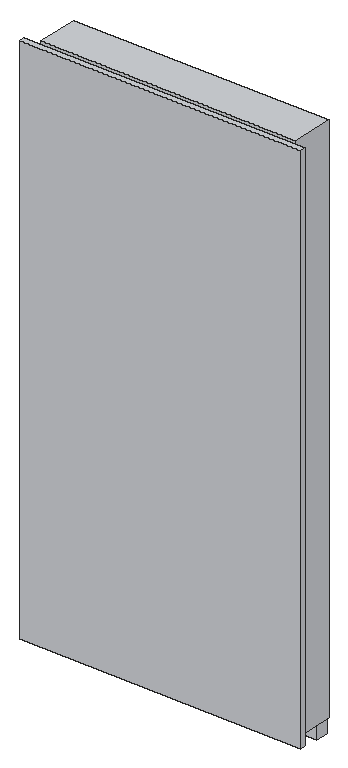
Revit family
Parameters (values of type "SLD01-장애인문")
  프레임 투영 외부 [instance] = 85 mm
  프레임 투영 내부 [instance] = 76 mm
  프레임 폭 = 75 mm
  재료분리대 [instance] = 76 mm
  Model = "SLD01"
  Height = 2100 mm
  Wall Closure = (empty or 0)
  Width = 1000 mm
  Function = (empty or 0)
  Assembly Code = ""
Reference planes
  plane 1: y = 0
  plane 2 "중심(왼쪽/오른쪽)": x = 0
  plane 3 "왼쪽": x = -500
  plane 4 "오른쪽": x = 500
  plane 5: z = 2100
  plane 6 "외부": y = 75
  plane 7 "내부": y = -75
  plane 8 "재료분리대 참조평면": y = 76
  plane 9 "내부 프레임": y = -76
  plane 10: y = -116
  plane 11: x = -550
  plane 12: x = 550
  plane 13 "외부 문 프레임": y = 85
Forms (mm)
  Sweep 1, solid
    path origin (0, -75, 0) x (1, 0, 0) y (0, 0, 1)
      loop
        line (500, 0) -> (500, 2100) -> (-500, 2100) -> (-500, 0)
    profile origin (-500, -75, 1050) x (0, -1, 0) y (1, 0, 0)
      loop
        line (1, 0) -> (1, 40) -> (-160, 40) -> (-160, 0) -> (1, 0)
  Extrusion 2, solid
    sketch origin (0, 0, 0) x (1, 0, 0) y (0, 1, 0)
      loop
        line (-500, 76) -> (-500, 26) -> (500, 26) -> (500, 76) -> (-500, 76)
    from 0 to -50
  Extrusion 3, solid
    sketch origin (0, 0, 0) x (1, 0, 0) y (0, 1, 0)
      loop
        line (-550, -116) -> (550, -116) -> (550, -96) -> (-550, -96) -> (-550, -116)
    from 0 to 2100
Lines and regions (mm)
  Opening 1
    outline origin (-3050, -75, 0) x (1, 0, 0) y (0, 0, 1)
      loop
        line (2550, 0) -> (3550, 0) -> (3550, 2100) -> (2550, 2100) -> (2550, 0)
  symbolic lines, style "입면도 스윙"
    curve 1: line (500, -75, 1050) -> (-602.5, -75, 2100)
    curve 2: line (500, -75, 1050) -> (-500, -75, 0)
    curve 3: line (-500, 75, 0) -> (500, 75, 1050)
    curve 4: line (500, 75, 1050) -> (-500, 75, 2002.381)
Text (mm)
  text "외부" at (-2295.016, 1099.543, 0), in view "참조 레벨"
  text "외부" at (0, 1615.38, 3698.081), in view "왼쪽"
  text "외부" at (0, 1036.032, 3874.932), in view "오른쪽"
Dimensions and locks
  equal spacing: plane 3 "왼쪽", plane 2 "중심(왼쪽/오른쪽)", plane 4 "오른쪽"
  "Width": plane 3 "왼쪽" to plane 4 "오른쪽"
  "Height": plane 5 to host wall
  equal spacing: host wall, curve 2, plane 5
  equal spacing: host wall, curve 4, plane 5
  locked: plane 6 "외부" to host wall at 0
  locked: plane 7 "내부" to host wall
  locked: plane 11 to plane 3 "왼쪽" at 50
  locked: plane 4 "오른쪽" to plane 12 at 50
  locked: Sweep 1 sketch curve to Sweep 1 sketch curve at 40
  locked: Extrusion 2 sketch curve to Extrusion 2 sketch curve at 50
  "재료분리대": host wall to plane 8 "재료분리대 참조평면"
  "프레임 투영 외부": host wall to plane 13 "외부 문 프레임"
  "프레임 투영 내부": plane 9 "내부 프레임" to host wall
  locked: plane 10 to plane 9 "내부 프레임" at 40
  aligned and locked: plane 3 "왼쪽" to Opening 1 sketch curve
  aligned and locked: plane 5 to Opening 1 sketch curve  (x2)
  aligned and locked: Opening 1 sketch curve to plane 4 "오른쪽"
  aligned and locked: Opening 1 sketch curve to level
  aligned and locked: plane 5 to curve 1
  aligned and locked: plane 3 "왼쪽" to curve 2
  aligned and locked: plane 1 to host wall
  aligned and locked: host wall to Sweep 1 sketch curve
  aligned and locked: Sweep 1 sketch curve to host wall
  aligned and locked: plane 3 "왼쪽" to Extrusion 2 sketch curve
  aligned and locked: plane 8 "재료분리대 참조평면" to Extrusion 2 sketch curve
  aligned and locked: plane 4 "오른쪽" to Extrusion 2 sketch curve
  aligned and locked: plane 11 to Extrusion 3 sketch curve
  aligned and locked: plane 10 to Extrusion 3 sketch curve
  aligned and locked: Extrusion 3 sketch curve to plane 12
  aligned and locked: plane 3 "왼쪽" to Sweep 1 sketch curve
  aligned and locked: plane 9 "내부 프레임" to Sweep 1 sketch curve
  aligned and locked: Sweep 1 sketch curve to plane 13 "외부 문 프레임"
Automatic sketch dimensions
  curve 4 to plane 3 "왼쪽" = 0 mm
  curve 3 to level = 0 mm
  curve 2 to level = 0 mm
  curve 3 to plane 3 "왼쪽" = 0 mm
  curve 3 to plane 4 "오른쪽" = 0 mm
  curve 2 to plane 4 "오른쪽" = 0 mm
  Sweep 1 sketch curve to level = 0 mm  (x2)
  Sweep 1 sketch curve to plane 3 "왼쪽" = 0 mm
  Extrusion 3 sketch curve to plane 10 = 20 mm
